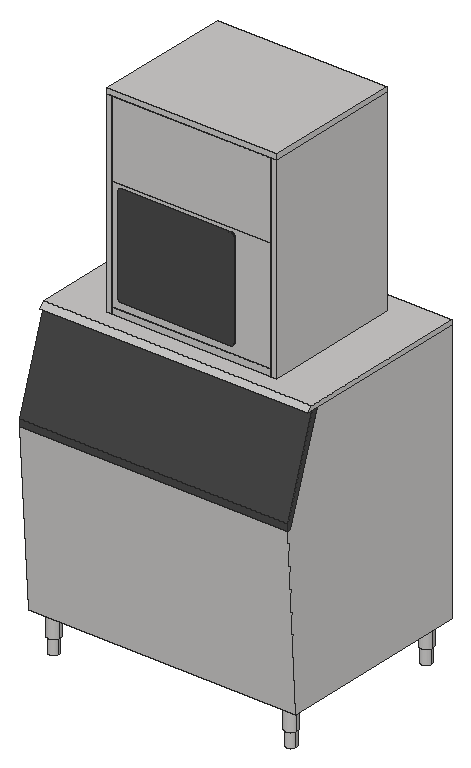
Revit family "QF_ZANUSSI_730294_IGF618M340SNP", category Attrezzature speciali, Revit 2018
Family settings
  Quota connettore circolare = Usa diametro
  Tipo di parte = Normale
  Basato su piano di lavoro = No
  Sempre verticale = Sì
  Taglio con vuoti quando caricato = No
  Condiviso = No
  Punto di calcolo locali = No
Parameters (values of type "Standard")
  Weight = 52.00 kg
  Watts = 1700 W
  Volts = 200 V
  URL Manufacturer = "http://www.zanussiprofessional.com"
  URL = "http://www.zanussiprofessional.com"
  Steam Supply Size = 0 mm
  Steam Supply Minimum Pressure = 0.0 Pa
  Steam Supply Maximum Pressure = 0.0 Pa
  Steam Pounds per Hour = 0
  Show Logo [instance] = yes
  Show Clearance [instance] = yes
  Refrigeration Suction Line Size = 0 mm
  Refrigeration Liquid Line Size = 0 mm
  Refrigerant Compressor Remote = yes
  Produttore = "Zanussi"
  Phase = 1
  Modello = "IGF618M340SNP"
  Length Actual = 762 mm  # constant formula
  Item Number = "730294"
  Hot Water Size = 0 mm
  Height Actual = 1972 mm  # constant formula
  HP = "2.3 HP"
  Gas Size = 0 mm
  Gas KW = 0
  Gas Input Pressure = 0 W
  Descrizione = "WATER COOLED GRANULAR ICE 618KG/24H-BIN 340KG MODULAR"
  Depth Actual = 819 mm  # constant formula
  Cycle = 50 Hz
  Condensate Return Size = 0 mm
  Compressed Air Volume = 0.0 L/s
  Compressed Air Size = 0 mm
  Compressed Air Pressure = 0.0 Pa
  Cold Water Size = 19.05 mm
  Accessory = yes
Reference planes
  plane 1 "Center X": y = 272.851
  plane 2: z = 0
  plane 3 "Center Y": x = -501.5
  plane 4: x = -264
  plane 5: z = 1252
  plane 6 "LEFT": x = -1035
  plane 7 "RIGHT": x = 32
  plane 8 "FRONT": y = -136.649
  plane 9 "BACK": y = 682.351
  plane 10: z = 153
  plane 11: z = 825
  plane 12: y = -93.649
  plane 13: z = 1224
  plane 14: y = -35.649
  plane 15: z = 1204
  plane 16: z = 2026
Forms (mm)
  Extrusion 1, solid, material "QF_Finishes_Stainless Steel"
    sketch origin (76.25, 50.5, 1224) x (1, 0, 0) y (0, 1, 0)
      loop
        line (-911.5, 547.851) -> (-911.5, -2.149) -> (-891.5, -2.149) -> (-891.5, 547.851) -> (-911.5, 547.851)
      loop
        line (-256.5, 547.851) -> (-256.5, -2.149) -> (-236.5, -2.149) -> (-236.5, 547.851) -> (-256.5, 547.851)
    from 0 to 782
  Extrusion 2, solid, material "QF_Finishes_Stainless Steel"
    sketch origin (76.25, 50.5, 1224) x (1, 0, 0) y (0, 1, 0)
      loop
        line (-891.5, 547.851) -> (-891.5, -2.149) -> (-256.5, -2.149) -> (-256.5, 547.851) -> (-891.5, 547.851)
    from 0 to 28
  Extrusion 3, solid, material "QF_Finishes_Black"
    sketch origin (-184, 48.351, 1224) x (-1, 0, 0) y (0, 0, -1)
      loop
        arc (592.5, -461.487) -> (603.107, -457.093) -> (607.5, -446.487) r 15
        line (607.5, -446.487) -> (607.5, -70.535)
        arc (607.5, -70.535) -> (603.107, -59.928) -> (592.5, -55.535) r 15
        line (592.5, -55.535) -> (156.771, -55.535)
        arc (156.771, -55.535) -> (146.165, -59.928) -> (141.771, -70.535) r 15
        line (141.771, -70.535) -> (141.771, -446.487)
        arc (141.771, -446.487) -> (146.165, -457.093) -> (156.771, -461.487) r 15
        line (156.771, -461.487) -> (592.5, -461.487)
    from 0 to 2
  Extrusion 4, solid, material "QF_Finishes_Stainless Steel"
    sketch origin (-425.25, 50.5, 1224) x (0, 1, 0) y (0, 0, 1)
      loop
        line (547.851, 28) -> (547.851, 782) -> (17.851, 782) -> (17.851, 477.028) -> (-2.149, 477.028) -> (-2.149, 28) -> (547.851, 28)
    from -390 to 245
  Extrusion 5, solid, material "QF_Finishes_Stainless Steel"
    sketch origin (-434.869, 598.351, 538.153) x (0, 0, -1) y (-1, 0, 0)
      loop
        circle (-808.847, -221.619) r 10
    from 0 to 10
  Extrusion 6, solid, material "QF_Finishes_Stainless Steel"
    sketch origin (-481.869, 598.351, 483.153) x (0, 0, -1) y (-1, 0, 0)
      loop
        circle (-808.847, -221.619) r 10
    from 0 to 10
  Extrusion 7, solid, material "QF_Finishes_Stainless Steel"
    sketch origin (-481.869, 598.351, 509.153) x (0, 0, -1) y (-1, 0, 0)
      loop
        circle (-808.847, -221.619) r 10
    from 0 to 10
  Extrusion 8, solid, material "QF_Finishes_Stainless Steel"
    sketch origin (-501.5, 0, 0) x (0, 1, 0) y (0, 0, 1)
      loop
        line (-93.649, 153) -> (682.351, 153) -> (682.351, 1204) -> (8.276, 1204) -> (-122.224, 825) -> (-136.649, 825) -> (-93.649, 153)
    from -533.5 to 533.5
  Extrusion 9, solid, material "QF_Finishes_Black"
    sketch origin (-501.5, 0, 0) x (0, 1, 0) y (0, 0, 1)
      loop
        line (-122.224, 825) -> (8.276, 1204) -> (-16.479, 1204) -> (-136.649, 855) -> (-136.649, 825) -> (-122.224, 825)
    from -533.5 to 533.5
  Extrusion 10, solid, material "QF_Finishes_Stainless Steel"
    sketch origin (-501.5, 0, 0) x (0, 1, 0) y (0, 0, 1)
      loop
        line (682.351, 1204) -> (682.351, 1224) -> (-17.149, 1224) -> (-35.649, 1204) -> (682.351, 1204)
    from -533.5 to 533.5
  Extrusion 11, solid, material "QF_Finishes_Stainless Steel"
    sketch origin (-259.902, 52.938, 153) x (1, 0, 0) y (0, -1, 0)
      loop
        circle (-241.598, -499.413) r 10
    from 0 to 10
  Extrusion 12, solid, material "QF_Finishes_Stainless Steel"
    sketch origin (76.25, 50.5, 1856) x (1, 0, 0) y (0, 1, 0)
      loop
        line (-911.5, 547.851) -> (-911.5, -2.149) -> (-236.5, -2.149) -> (-236.5, 547.851) -> (-911.5, 547.851)
    from 150 to 170
  Extrusion 13, solid, material "QF_Finishes_Stainless Steel"
    sketch origin (76.25, 50.5, 1898) x (1, 0, 0) y (0, 1, 0)
      loop
        line (-891.5, 17.851) -> (-891.5, -2.149) -> (-256.5, -2.149) -> (-256.5, 17.851) -> (-891.5, 17.851)
    from -196.972 to 108.027
Lines and regions (mm)
  Split face 1
    outline origin (-187.75, 48.351, 1898) x (-1, 0, 0) y (0, 0, -1)
      loop
        line (103.666, -89.673) -> (103.666, -44.673) -> (28.666, -44.673) -> (28.666, -89.673) -> (103.666, -89.673)
  Split face 2
    outline origin (-187.75, 48.351, 1898) x (-1, 0, 0) y (0, 0, -1)
      loop
        line (59.301, -84.13) -> (59.301, -49.93) -> (33.676, -49.93) -> (33.676, -84.13) -> (59.301, -84.13)
  symbolic lines
    curve 1: line (-835.25, 598.351, 0) -> (-160.25, 598.351, 0)
    curve 2: line (-835.25, 48.351, 0) -> (-835.25, 598.351, 0)
    curve 3: line (-160.25, 48.351, 0) -> (-835.25, 48.351, 0)
    curve 4: line (-160.25, 598.351, 0) -> (-160.25, 48.351, 0)
    curve 5: line (-1035, 682.351, 0) -> (32, 682.351, 0)
    curve 6: line (-1035, -136.649, 0) -> (-1035, 682.351, 0)
    curve 7: line (32, -136.649, 0) -> (-1035, -136.649, 0)
    curve 8: line (32, 682.351, 0) -> (32, -136.649, 0)
    curve 9: line (-1035, -35.649, 0) -> (32, -35.649, 0)
    curve 10: line (-1035, -17.149, 0) -> (32, -17.149, 0)
Dimensions and locks
  Extrusion 2 to plane 2 = 1224 mm
  equal spacing: plane 6 "LEFT", plane 3 "Center Y", plane 7 "RIGHT"
  plane 6 "LEFT" to plane 7 "RIGHT" = 1067 mm
  equal spacing: plane 9 "BACK", plane 1 "Center X", plane 8 "FRONT"
  plane 9 "BACK" to plane 8 "FRONT" = 819 mm
  locked: plane 10 to plane 2 at 153
  plane 11 to plane 10 = 672 mm
  plane 9 "BACK" to plane 12 = 776 mm
  plane 9 "BACK" to plane 14 = 718 mm  (x2)
  plane 16 to plane 13 = 802 mm
  plane 3 "Center Y" to Extrusion 12 = 333.75 mm
  aligned and locked: level to plane 2
  aligned and locked: Extrusion 2 sketch curve to Extrusion 1  (x3)
  aligned and locked: plane 5 to Extrusion 2
  aligned and locked: plane 5 to Extrusion 4 sketch curve
  aligned and locked: plane 7 "RIGHT" to Extrusion 8
  aligned and locked: Extrusion 8 to plane 6 "LEFT"
  aligned and locked: plane 7 "RIGHT" to Extrusion 9
  aligned and locked: Extrusion 9 to plane 6 "LEFT"
  aligned and locked: plane 7 "RIGHT" to Extrusion 10
  aligned and locked: Extrusion 10 to plane 6 "LEFT"
  aligned and locked: Extrusion 1 to Extrusion 12
  aligned and locked: Extrusion 4 to Extrusion 13
Automatic sketch dimensions
  plane 6 "LEFT" to Extrusion 1 sketch curve = 199.75 mm
  Extrusion 1 sketch curve to Extrusion 1 sketch curve = 20 mm  (x2)
  plane 4 to Extrusion 1 sketch curve = 83.75 mm
  Extrusion 1 sketch curve to plane 14 = 84 mm  (x2)
  Extrusion 1 sketch curve to plane 9 "BACK" = 84 mm  (x2)
  plane 4 to Extrusion 2 sketch curve = 83.75 mm
  plane 5 to Extrusion 3 sketch curve = 42.535 mm
  plane 3 "Center Y" to Extrusion 3 sketch curve = 175.729 mm
  plane 5 to Extrusion 3 sketch curve = 27.535 mm
  Extrusion 3 sketch curve to Extrusion 3 sketch curve = 15 mm  (x2)
  plane 6 "LEFT" to Extrusion 3 sketch curve = 258.5 mm  (x2)
  Extrusion 4 sketch curve to plane 14 = 84 mm
  Extrusion 4 sketch curve to Extrusion 4 sketch curve = 20 mm
  Extrusion 4 sketch curve to plane 9 "BACK" = 84 mm
  plane 5 to Extrusion 5 sketch curve = 95 mm
  plane 4 to Extrusion 5 sketch curve = 50.75 mm
  plane 5 to Extrusion 6 sketch curve = 40 mm
  plane 4 to Extrusion 6 sketch curve = 3.75 mm
  plane 5 to Extrusion 7 sketch curve = 66 mm
  plane 4 to Extrusion 7 sketch curve = 3.75 mm
  Extrusion 8 sketch curve to plane 8 "FRONT" = 0 mm
  Extrusion 8 sketch curve to plane 11 = 0 mm
  Extrusion 8 sketch curve to plane 10 = 0 mm
  Extrusion 8 sketch curve to plane 12 = 0 mm
  Extrusion 8 sketch curve to plane 15 = 0 mm
  Extrusion 8 sketch curve to plane 9 "BACK" = 0 mm
  Extrusion 8 sketch curve to Extrusion 8 sketch curve = 14.425 mm
  Extrusion 8 sketch curve to plane 14 = 43.925 mm
  Extrusion 9 sketch curve to plane 8 "FRONT" = 0 mm
  Extrusion 9 sketch curve to plane 11 = 0 mm
  Extrusion 9 sketch curve to plane 15 = 0 mm
  Extrusion 9 sketch curve to Extrusion 9 sketch curve = 14.425 mm
  Extrusion 9 sketch curve to plane 14 = 19.17 mm
  Extrusion 9 sketch curve to Extrusion 9 sketch curve = 24.755 mm
  Extrusion 9 sketch curve to Extrusion 9 sketch curve = 30 mm
  Extrusion 10 sketch curve to plane 14 = 0 mm
  Extrusion 10 sketch curve to plane 13 = 0 mm
  Extrusion 10 sketch curve to plane 9 "BACK" = 0 mm
  Extrusion 10 sketch curve to plane 15 = 0 mm
  Extrusion 10 sketch curve to plane 14 = 18.5 mm
  Extrusion 11 sketch curve to Extrusion 8 = 130 mm
  Extrusion 11 sketch curve to Extrusion 8 = 533.5 mm
  plane 6 "LEFT" to Extrusion 12 sketch curve = 199.75 mm
  plane 4 to Extrusion 12 sketch curve = 103.75 mm
  Extrusion 12 sketch curve to plane 14 = 84 mm
  Extrusion 12 sketch curve to plane 9 "BACK" = 84 mm
  plane 6 "LEFT" to Extrusion 13 sketch curve = 219.75 mm
  plane 4 to Extrusion 13 sketch curve = 83.75 mm
  Extrusion 13 sketch curve to plane 14 = 84 mm
  Extrusion 13 sketch curve to Extrusion 13 sketch curve = 20 mm
  Extrusion 4 sketch curve to plane 16 = 20 mm
  Extrusion 3 sketch curve to Extrusion 3 sketch curve = 375.952 mm
  plane 5 to Extrusion 4 sketch curve = 449.028 mm
  Split face 2 sketch curve to Extrusion 13 = 41.176 mm
  Split face 2 sketch curve to Split face 2 sketch curve = 25.625 mm
  Split face 2 sketch curve to Extrusion 13 = 23.896 mm
  Split face 2 sketch curve to Split face 2 sketch curve = 34.2 mm
  Split face 1 sketch curve to Extrusion 13 = 36.166 mm
  Split face 1 sketch curve to Split face 1 sketch curve = 75 mm
  Split face 1 sketch curve to Extrusion 13 = 18.354 mm
  Split face 1 sketch curve to Split face 1 sketch curve = 45 mm
  curve 6 to plane 6 "LEFT" = 0 mm
  curve 8 to plane 7 "RIGHT" = 0 mm
  curve 7 to plane 8 "FRONT" = 0 mm
  plane 14 to curve 9 = 0 mm
  curve 5 to plane 9 "BACK" = 0 mm
  curve 2 to plane 14 = 84 mm
  plane 6 "LEFT" to curve 2 = 199.75 mm
  plane 4 to curve 4 = 103.75 mm
  curve 1 to plane 9 "BACK" = 84 mm
  curve 10 to plane 14 = 18.5 mm
  radius of Extrusion 5 sketch curve = 10 mm
  radius of Extrusion 6 sketch curve = 10 mm
  radius of Extrusion 7 sketch curve = 10 mm
  radius of Extrusion 11 sketch curve = 10 mm
Nested families
  nested 1: "Foot_Complete" at (-975, -43.649, 0), type "Foot_Complete"
  nested 2: "Foot_Complete" at (-28, -43.649, 0) x (-1, 0, 0) z (0, 0, 1), type "Foot_Complete"
  nested 3: "Foot_Complete" at (-898.75, 632.351, 0), type "Foot_Complete"
  nested 4: "Foot_Complete" at (-28, 632.351, 0) x (-1, 0, 0) z (0, 0, 1), type "Foot_Complete"
Connectors
  electrical at (-260.25, 608.351, 1292), driven by "Volts"
    settings: on Extrusion 6, index 1, voltage 200 V, apparent load 0 VA, apparent load phase1 0 VA, apparent load phase2 0 VA, apparent load phase3 0 VA, power factor 1, load classification "Altro", number of poles 1, system type 30, power factor state 1, is connector primary yes, connector utility no, sub classification motor no, connector description "Electrical Connection"
  piping at (-213.25, 608.351, 1347), diameter 20
    settings: on Extrusion 5, index 2, connector inside diameter 609.6 mm, connector length 0 mm, flow factor 0, pipe flow 0.0 L/s, pressure drop 0.0 Pa, fitting loss kfactor 0, connector angle 0.00°, fixture units 0, engagement length 0 mm, angle of deflection 0.00°, flow configuration 0, flow direction 0, fitting loss method 0, system type 20, joint type 0, gender type 0, connector reference index -1, connector utility 0, adjustable connector no, is connector primary yes, connector description "Cold water"
  piping at (-260.25, 608.351, 1318), diameter 20
    settings: on Extrusion 7, index 3, connector inside diameter 609.6 mm, connector length 0 mm, flow factor 0, pipe flow 0.0 L/s, pressure drop 0.0 Pa, fitting loss kfactor 0, connector angle 0.00°, fixture units 0, engagement length 0 mm, angle of deflection 0.00°, flow configuration 0, flow direction 0, fitting loss method 0, system type 16, joint type 0, gender type 0, connector reference index -1, connector utility 0, adjustable connector no, is connector primary no, connector description "Drain"
  piping at (-501.5, 552.351, 143), diameter 20
    settings: on Extrusion 11, index 4, connector inside diameter 609.6 mm, connector length 0 mm, flow factor 0, pipe flow 0.0 L/s, pressure drop 0.0 Pa, fitting loss kfactor 0, connector angle 0.00°, fixture units 0, engagement length 0 mm, angle of deflection 0.00°, flow configuration 0, flow direction 0, fitting loss method 0, system type 16, joint type 0, gender type 0, connector reference index -1, connector utility 0, adjustable connector no, is connector primary no, connector description "Drain"
Definition of nested family "Foot_Complete"
  Parameters (values of type "Foot_Complete")
    R = 25 mm
    H = 153 mm
  Reference planes
    plane 1 "Centro (Fronte/Retro)": y = 0
    plane 2: z = 0
    plane 3 "Centro (Sinistra/Destra)": x = 0
    plane 4: z = 153
  Forms (mm)
    Revolve 1, solid
      sketch origin (255.05, 0, 608.09) x (0, 0, 1) y (-1, 0, 0)
        loop
          line (-608.09, 255.05) -> (-608.09, 235.05) -> (-548.09, 235.05) -> (-548.09, 230.05) -> (-455.09, 230.05) -> (-455.09, 255.05) -> (-608.09, 255.05)
        axis (-608.09, 255.05) -> (-455.09, 255.05)
      angle from 0 to 360
  Dimensions and locks
    level to Revolve 1 sketch curve = 60 mm
    "R": Revolve 1 sketch curve to plane 3 "Centro (Sinistra/Destra)"
    "H": plane 4 to level
    aligned and locked: level to plane 2
    aligned and locked: plane 4 to Revolve 1 sketch curve
    aligned and locked: Revolve 1 sketch curve to level
    aligned and locked: plane 3 "Centro (Sinistra/Destra)" to Revolve 1 sketch curve
  Automatic sketch dimensions
    Revolve 1 sketch curve to plane 3 "Centro (Sinistra/Destra)" = 0 mm
    plane 3 "Centro (Sinistra/Destra)" to Revolve 1 sketch curve = 20 mm
    Revolve 1 sketch curve to Revolve 1 sketch curve = 50 mm
    Revolve 1 sketch curve to Revolve 1 sketch curve = 20 mm
